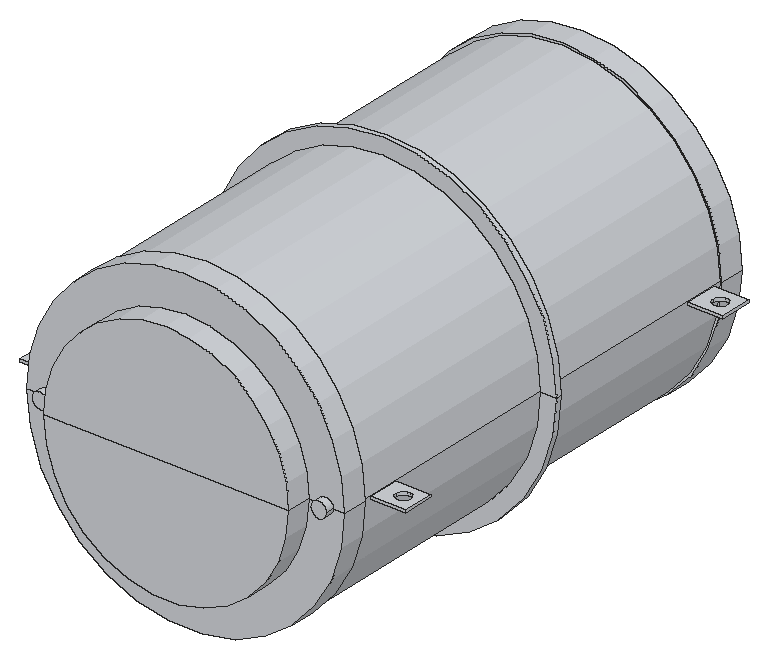
Revit family "FY-25UFS2", category Mechanical Equipment, Revit 2024
Family settings
  Round Connector Dimension = Use Diameter
  Part Type = Normal
  OmniClass Number = 23.75.00.00
  OmniClass Title = Climate Control (HVAC)
  Work Plane-Based = No
  Always vertical = Yes
  Cut with Voids When Loaded = No
  Maintain Annotation Orientation = No
  Shared = No
  Room Calculation Point = No
Parameters
  Default Elevation = 0 mm
Reference planes
  plane 1 "Center (Front/Back)": y = 0
  plane 2: z = 0
  plane 3 "Center (Left/Right)": x = 0
  plane 4 "2": y = -220
  plane 5 "1": y = 220
Forms (mm)
  Revolve 1, solid
    sketch origin (0, 0, 0) x (1, 0, 0) y (0, 1, 0)
      loop
        line (99, 220) -> (0, 220) -> (0, -220) -> (99, -220) -> (99, -200) -> (128.5, -200) -> (128.5, -180) -> (126.75, -180) -> (126.75, -1.2) -> (140, -1.2) -> (140, 3) -> (126.75, 3) -> (126.75, 180) -> (128.5, 180) -> (128.5, 200) -> (99, 200) -> (99, 220)
      axis (0, 220) -> (0, -220)
    angle from 0 to 360
  Extrusion 2, solid
    sketch origin (0, 0, 0) x (1, 0, 0) y (0, 0, 1)
      loop
        circle (-112.5, 0) r 6.25
    from 200 to 206.6
  Extrusion 3, solid
    sketch origin (0, 0, 0) x (-1, 0, 0) y (0, 0, -1)
      loop
        circle (-112.5, 0) r 6.25
    from 200 to 206.6
  Extrusion 4, solid
    sketch origin (0, 0, 0) x (1, 0, 0) y (0, 0, -1)
      loop
        circle (-112.5, 0) r 6.25
    from 200 to 206.6
  Extrusion 5, solid
    sketch origin (0, 0, 0) x (-1, 0, 0) y (0, 0, 1)
      loop
        circle (-112.5, 0) r 6.25
    from 200 to 206.6
  Extrusion 6, solid
    sketch origin (0, 0, 0) x (1, 0, 0) y (0, 1, 0)
      loop
        line (126.75, 173) -> (126.75, 147) -> (155.5, 147) -> (155.5, 173) -> (126.75, 173)
      loop
        line (-155.5, 173) -> (-155.5, 147) -> (-126.75, 147) -> (-126.75, 173) -> (-155.5, 173)
      loop
        line (-155.5, -147) -> (-155.5, -173) -> (-126.75, -173) -> (-126.75, -147) -> (-155.5, -147)
      loop
        line (126.75, -147) -> (126.75, -173) -> (155.5, -173) -> (155.5, -147) -> (126.75, -147)
    from 0 to -2
  Extrusion 7, void
    sketch origin (0, 0, 0) x (1, 0, 0) y (0, 1, 0)
      loop
        circle (-143.5, 160) r 6
    from 0 to -2
  Extrusion 8, void
    sketch origin (0, 0, 0) x (-1, 0, 0) y (0, -1, 0)
      loop
        circle (-143.5, -160) r 6
    from 0 to -2
  Extrusion 9, void
    sketch origin (0, 0, 0) x (1, 0, 0) y (0, 1, 0)
      loop
        circle (-143.5, -160) r 6
    from 0 to -2
  Extrusion 10, void
    sketch origin (0, 0, 0) x (-1, 0, 0) y (0, -1, 0)
      loop
        circle (-143.5, 160) r 6
    from 0 to -2
Cuts and joins
  Extrusion 7, Extrusion 8, Extrusion 9, Extrusion 10 cuts Extrusion 6
Dimensions and locks
  aligned and locked: level to plane 2
Connectors
  hvac at (0, -220, 0)
    settings: index 1, duct flow 0.0 L/s, flow factor 0, pres drop 0.0 Pa, loss coef 0, conn angle 0.00°, conn width 304.8 mm, conn height 304.8 mm, conn diameter 200 mm, duct sys type 3, conn prof type 0, flow config 0, flow direction 0, loss method 0, conn ref index -1, conn util no, is conn primary yes, conn desc ""
  hvac at (0, 220, 0)
    settings: index 2, duct flow 0.0 L/s, flow factor 0, pres drop 0.0 Pa, loss coef 0, conn angle 0.00°, conn width 304.8 mm, conn height 304.8 mm, conn diameter 200 mm, duct sys type 3, conn prof type 0, flow config 0, flow direction 0, loss method 0, conn ref index -1, conn util no, is conn primary no, conn desc ""
